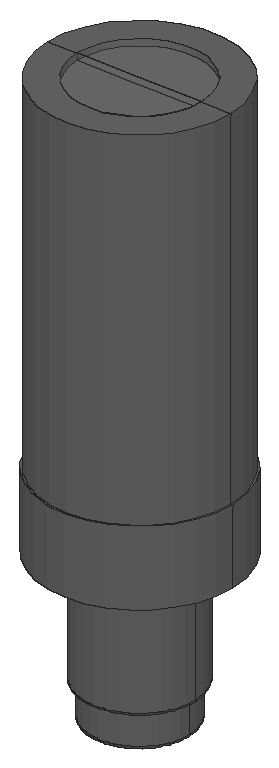
Revit family "LTC-6RDW-S", category Lighting Fixtures, host Face, Revit 2021
Family settings
  Host = Face
  Round Connector Dimension = Use Diameter
  Part Type = Normal
  OmniClass Number = 23.80.70.11.14.11
  OmniClass Title = Downlights
  Cut with Voids When Loaded = No
  Light Source = Yes
  Shared = No
  Room Calculation Point = No
Parameters (values of type "LTC-6RDW-SRMD")
  Wattage Comments = ""
  Wattage = 70 W
  Warranty = " 5 years warranty"  # constant formula
  built-in parameter 1150110 = 1 (stored number, unit not read)
  Voltage = 120 V
  built-in parameter 1114217 = 1 (stored number, unit not read)
  Tilt Angle = -90.00°  # constant formula
  built-in parameter 1150109 = 1 (stored number, unit not read)
  built-in parameter 1150134 = 3
  built-in parameter 1150113 = 1 (stored number, unit not read)
  SRMD = yes
  S = no
  Product Material = Paint - Carbon Black
  Photometric Web File = "LTC-6RD-P-20L35K8MD-DM1-S-BL.ies"
  Glass = White Glass
  Features = "• 6inch architectural LED downlight and wall wash cylinder\r\ndelivering 600 - 7000 lm\r\n• 4 beam distributions from 0.3 to 1.1 Spacing Criteria\r\n• Quiet reflector appearance with 50º optical cutoff\r\n• 2700K - 5000K, 80+ and 90+ CRI options\r\n• Available in Surface, Wall, Pendant, or Cord Mount configurations\r\n• Variety of dimming protocol options including 0-10V, DALI, DMX,\r\nForward Phase and EcoSystem\r"  # constant formula
  Cord Height = 72.000"
  built-in parameter 1150105 = 389.93 (stored number, unit not read)
  Lumens = 4900 lm
  built-in parameter 1150115 = 1 (stored number, unit not read)
  built-in parameter 1150137 = (empty or 0)
  built-in parameter 1150139 = (empty or 0)
  built-in parameter 1150112 = 1 (stored number, unit not read)
  built-in parameter 1150114 = 1 (stored number, unit not read)
  built-in parameter 1150132 = (empty or 0)
  built-in parameter 1150102 = (empty or 0)
  built-in parameter 1150107 = 3200 (stored number, unit not read)
  built-in parameter 1150138 = (empty or 0)
  built-in parameter 1150106 = 3.8993 (stored number, unit not read)
  Emit from Circle Diameter = 6.000"  # constant formula
  Emit Shape Visible in Rendering = no
  built-in parameter 1150104 = 6.5032 (stored number, unit not read)
  Dimming Lamp Color Temperature Shift = <None>
  Copyright = "Prescolite"  # constant formula
  Contact us = ""
  Color Filter = 16777215
  Certifications = "• cCSAus certified to UL 1598\r\n• Wall Mount: Suitable for wet locations\r\n• Surface & Pendant Mount: Suitable for wet\r\nlocations under covered ceiling\r\n• Cord Mount and all Wall Wash: Suitable for\r\ndamp locations"  # constant formula
  Canopy WIdth = 7.500"
  Canopy Height = 3.000"
  Canopy = yes
  built-in parameter 1114218 = 1 (stored number, unit not read)
  Ballast = Paint - Carbon Black
  URL = "https://www.currentlighting.com/prescolite"
  Product Page URL = ""
  Product Documentation Link = ""
  Model = "LTC-6RDW"  # constant formula
  Manufacturer = "Prescolite"  # constant formula
  Lamp = "LED Lamp"
  Reflector = Glass - Glass
  Description = "LITEISTRY™ 6inch Round Cylinder Downlight/Wall Wash"  # constant formula
  Default Elevation = 48.000"
  built-in parameter 1150133 = 10 (stored number, unit not read)
  Apparent Load = 72 VA  # constant formula
Types (6): name | SRMD | S | Canopy WIdth | Canopy Height
  (no name) | yes | no | 7.500" | 3.000"
  LTC-6RDW-SRMD | yes | no | 7.500" | 3.000"
  LTC-6RDW-S | no | yes | 7.340" | 0.500"
  LTC-6RDW-SCC | no | no | 7.500" | 3.000"
  LTC-6RDW-SPC | no | yes | 7.500" | 3.000"
  LTC-6RDW-SPCC | no | no | 7.580" | 4.500"
Reference planes (in)
  plane 1 "Center (Front/Back)": y = 0
  plane 2: z = 0
  plane 3 "Center (Left/Right)": x = 0
  plane 4: y = 1
  plane 5: y = -1
  plane 6: x = 3
  plane 7: x = -3
  plane 8: x = -2.75391
  plane 9: x = 2.75391
  plane 10: x = -3.75
  plane 11: x = 3.75
  plane 12: z = 3
  plane 13: z = 17
Forms (in)
  Revolve 1, solid, material "Paint - Carbon Black" <- "Ballast", visible <- "SRMD"
    sketch origin (0, 0, 0) x (1, 0, 0) y (0, 0, 1)
      loop
        line (0, -6) -> (0, 0.00055) -> (-2.5, 0.00055) -> (-2.5, -0.43712)
        arc (-2.5, -0.43712) -> (-2.48175, -0.48119) -> (-2.43767, -0.49945) r 0.06233
        line (-2.43767, -0.49945) -> (-2.30081, -0.49945)
        arc (-2.30081, -0.49945) -> (-2.26488, -0.51433) -> (-2.25, -0.55026) r 0.05081
        line (-2.25, -0.55026) -> (-2.25, -4.55877)
        arc (-2.25, -4.55877) -> (-2.2306, -4.6056) -> (-2.18377, -4.625) r 0.06623
        line (-2.18377, -4.625) -> (-2.03463, -4.625)
        arc (-2.03463, -4.625) -> (-2.01014, -4.63514) -> (-2, -4.65963) r 0.03463
        line (-2, -4.65963) -> (-2, -5.88059)
        arc (-2, -5.88059) -> (-1.96503, -5.96503) -> (-1.88059, -6) r 0.11941
        line (-1.88059, -6) -> (0, -6)
      axis (0, 0.00055) -> (0, -6)
    angle from 0 to 360
  Revolve 2, solid, material "Paint - Carbon Black" <- "Product Material"
    sketch origin (-0.04663, 0, 1) x (1, 0, 0) y (0, 0, 1)
      loop
        line (2.545, 16) -> (2.545, 15.75) -> (0.04663, 15.75) -> (0.04663, 2) -> (3.71663, 2) -> (3.71663, 16) -> (2.545, 16)
      axis (0.04663, 16) -> (0.04663, 2)
    angle from 0 to 360
  Revolve 3, solid, material "White Glass" <- "Glass"
    sketch origin (-0.04663, 0, 0) x (1, 0, 0) y (0, 0, 1)
      loop
        line (0.04663, 17) -> (0.04663, 16.75) -> (2.545, 16.75) -> (2.545, 17) -> (0.04663, 17)
      axis (0.04663, 17) -> (0.04663, 16.75)
    angle from 0 to 360
  Revolve 4, solid, material "Paint - Carbon Black" <- "Product Material", visible <- "Canopy"
    sketch origin (-0.04663, 0, 0.25) x (1, 0, 0) y (0, 0, 1)
      loop
        line (0.04663, -0.25) -> (3.79663, -0.25) -> (3.79663, 2.75) -> (0.04663, 2.75) -> (0.04663, -0.25)
      axis (0.04663, 2.75) -> (0.04663, -0.25)
    angle from 0 to 360
  Revolve 5, solid, material "Paint - Carbon Black" <- "Ballast", visible <- "S"
    sketch origin (0, 0, 0) x (1, 0, 0) y (0, 0, 1)
      loop
        line (0, 0.00055) -> (0, -0.99945) -> (2, -0.99945) -> (2, 0.00055) -> (0, 0.00055)
      axis (0, 0.00055) -> (0, -0.99945)
    angle from 0 to 360
Dimensions and locks (in)
  plane 4 to plane 1 "Center (Front/Back)" to plane 5 = 1.000" locked, 1.000" locked
  host face to Revolve 1 sketch curve = 6.000"
  equal spacing: plane 11, plane 3 "Center (Left/Right)", plane 10
  "Canopy WIdth": plane 11 to plane 10
  "Canopy Height": plane 12 to plane 2
  Revolve 2 sketch curve to Revolve 2 sketch curve to Revolve 2 sketch curve = 0.250" locked, 13.750" locked
  locked: Revolve 2 to Revolve 2 at 0.25
  locked: plane 13 to plane 12 at 14
  aligned and locked: plane 2 to host face
  aligned and locked: plane 3 "Center (Left/Right)" to imposter light
  aligned and locked: Revolve 4 sketch curve to Revolve 4 sketch curve
  aligned and locked: Revolve 4 to plane 12
  aligned and locked: plane 13 to Revolve 2 sketch curve
  aligned and locked: Revolve 2 to plane 13
  aligned and locked: Revolve 3 sketch curve to plane 3 "Center (Left/Right)"
  aligned and locked: plane 3 "Center (Left/Right)" to Revolve 3 sketch curve
  aligned and locked: imposter light to plane 13
  aligned and locked: Revolve 2 sketch curve to plane 3 "Center (Left/Right)"
  aligned and locked: Revolve 2 sketch curve to Revolve 2 sketch curve
  aligned and locked: Revolve 4 sketch curve to plane 3 "Center (Left/Right)"
  aligned and locked: plane 11 to Revolve 4 sketch curve
  aligned and locked: Revolve 4 sketch curve to plane 12
  aligned and locked: Revolve 4 sketch curve to host face
Automatic sketch dimensions
  host sketch curve to host sketch curve = 96.000"  (x2)
  Revolve 1 sketch curve to plane 3 "Center (Left/Right)" = 0.000"  (x2)
  plane 8 to Revolve 1 sketch curve = 0.87332"
  Revolve 1 sketch curve to Revolve 1 sketch curve = 0.11941"
  Revolve 1 sketch curve to Revolve 1 sketch curve = 0.03463"
  Revolve 1 sketch curve to Revolve 1 sketch curve = 0.14914"
  Revolve 1 sketch curve to Revolve 1 sketch curve = 0.06623"
  Revolve 1 sketch curve to Revolve 1 sketch curve = 0.05081"
  Revolve 1 sketch curve to Revolve 1 sketch curve = 0.13687"
  level to Revolve 1 sketch curve = 0.00055"
  plane 8 to Revolve 1 sketch curve = 0.25391"
  Revolve 1 sketch curve to Revolve 1 sketch curve = 1.22096"
  Revolve 1 sketch curve to level = 0.55026"
  Revolve 1 sketch curve to Revolve 1 sketch curve = 17.63999"
  Revolve 1 sketch curve to plane 12 = 100.07883"
  Revolve 2 sketch curve to Revolve 2 sketch curve = 1.17163"
  Revolve 2 sketch curve to level = 23.000"
  Revolve 2 sketch curve to Revolve 2 sketch curve = 16.88245"
  Revolve 3 sketch curve to plane 12 = 13.750"
  Revolve 3 sketch curve to Revolve 3 sketch curve = 0.250"
  Revolve 3 sketch curve to level = 13.73828"
  Revolve 3 sketch curve to Revolve 3 sketch curve = 7.000"
  Revolve 4 sketch curve to level = 23.750"
  Revolve 4 sketch curve to Revolve 4 sketch curve = 24.89417"
  plane 3 "Center (Left/Right)" to Revolve 2 sketch curve = 2.49837"
  plane 3 "Center (Left/Right)" to Revolve 3 sketch curve = 2.49837"
  Revolve 5 sketch curve to plane 3 "Center (Left/Right)" = 0.000"  (x2)
  level to Revolve 5 sketch curve = 0.00055"
  Revolve 5 sketch curve to plane 11 = 1.750"
  Revolve 5 sketch curve to level = 0.99945"
  Revolve 5 sketch curve to Revolve 5 sketch curve = 22.64054"
  Revolve 5 sketch curve to plane 13 = 86.07883"
Connectors (in)
  electrical at (0, 0, 0), driven by "Description", driven by "Voltage", driven by "Apparent Load"
    settings: index 1, voltage 120 V, apparent load 72 VA, apparent load phase1 0 VA, apparent load phase2 0 VA, apparent load phase3 0 VA, power factor 1, load classification "Other", number of poles 1, system type 30, power factor state 1, is connector primary yes, connector utility no, sub classification motor no, connector description "LITEISTRY™ 6inch Round Cylinder Downlight/Wall Wash"
